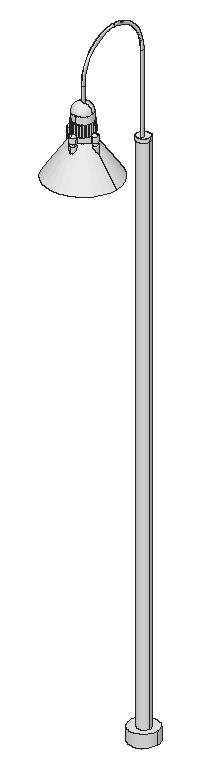
Revit family "ERA-RA25", category Lighting Fixtures, Revit 2021
Family settings
  Round Connector Dimension = Use Diameter
  Part Type = Normal
  OmniClass Number = 23.80.70.14.21
  OmniClass Title = Street and Roadway Lighting
  Work Plane-Based = No
  Always vertical = Yes
  Cut with Voids When Loaded = No
  Light Source = No
  Shared = No
  Room Calculation Point = No
Parameters (values of type "ER-RA17-1A")
  Wattage Comments = "60 LEDs, 68 W"  # constant formula
  Voltage = 120 V
  URL = "https://www.currentlighting.com/kimlighting"
  Type Comments = "Lighting Fixture"  # constant formula
  Series = "ERA LUMINAIRE"  # constant formula
  Product Page URL = ""
  Product Documentation Link = ""
  Power Factor = 1  # constant formula
  Pole Height = Mount Height - 16 1/2"  # 175 1/2"
  Pole Finish = Metal-Aluminum Alloy
  Photometric Notes = "More IES files download on Photometric Web Link"  # constant formula
  Number of Poles = 1
  Mount Height = 192"
  Model = "Era"  # constant formula
  MasterFormat Title = "Parking Lighting, Roadway Lighting, Site Lighting"  # constant formula
  Manufacturer = "Kim Lighting"  # constant formula
  Load Classification = Lighting
  Lamp = "LED"  # constant formula
  Inside Material = Metal-Aluminum-Reflective
  Housing Material = Metal-Aluminum Alloy
  Glass Material = Glass-Clear
  Finish = "All colors shall be a Super TGIC powder coat paint. Optional white (WH) and custom colors available."
  Description = "Site/Roadway Luminaire"  # constant formula
  Default Elevation = 0"
  Assembly Code = "D5020200"
  Arm Material = Metal-Aluminum Alloy
  Apparent Load = 68 VA
  Height = 17 1/2"
  Angle Bee = 180.00°
  4C = no
  3Y = no
  2 = no
  1 = yes
Types (5): name | 4C | 3Y | 2
  (no name) | no | no | no
  ER-RA17-1A | no | no | no
  ER-RA17-2B | no | no | yes
  ER-RA17-3Y | no | yes | no
  ER-RA17-4C | yes | no | yes
Reference planes (in)
  plane 1 "Center (Front/Back)": y = 0
  plane 2: z = 189
  plane 3 "Center (Left/Right)": x = -1.40174
  plane 4 "TOP": z = 192
  plane 5: z = 175.5
  plane 6: z = 182.5
  plane 7: x = 1.59826
  plane 8: x = -4.40174
  plane 9: z = 174.5
  plane 10: x = 7.09826
  plane 11: x = -9.90174
  plane 12: z = 183.5
  plane 13: z = 185
  plane 14: z = 188
  plane 15: x = 2.59826
  plane 16: x = -5.40174
  plane 17: y = -3
  plane 18: x = 3.34826
  plane 19: z = 179.5
  plane 20: x = -6.15174
  plane 21: y = 3
  plane 22: y = 4
  plane 23: y = -4
  plane 24: z = 177.20677
  plane 25 "Bottom": z = 172.75
  plane 26: z = 175
  plane 27: z = 176.5
  plane 28: z = 0
Forms (in)
  Sweep 1, solid, material "Metal-Aluminum Alloy" <- "Pole Finish", visible <- "1"
    path origin (-26.63639, -48.15867, 0) x (0.000096, -1, 0) y (0, 0, 1)
      loop
        line (0.3125, 192) -> (0.3125, 201)
        arc (0.3125, 201) -> (-3.20222, 209.48528) -> (-11.6875, 213) r 12
        arc (-11.6875, 213) -> (-20.17278, 209.48528) -> (-23.6875, 201) r 12
        line (-23.6875, 201) -> (-23.6875, 175.5)
    profile origin (-26.63636, -48.47117, 196.5) x (-0.000096, 1, 0) y (-1, -0.000096, 0)
      loop
        circle (0, -25.23698) r 0.39063
  Sweep 2, solid, material "Metal-Aluminum Alloy" <- "Pole Finish", visible <- "2"
    path origin (-26.63639, 0.48819, 0) x (0.000096, 1, 0) y (0, 0, -1)
      loop
        line (0.3125, -192) -> (0.3125, -201)
        arc (0.3125, -201) -> (-3.20222, -209.48528) -> (-11.6875, -213) r 12
        arc (-11.6875, -213) -> (-20.17278, -209.48528) -> (-23.6875, -201) r 12
        line (-23.6875, -201) -> (-23.6875, -175.5)
    profile origin (-26.63636, 0.80069, 196.5) x (0.000096, 1, 0) y (-1, 0.000096, 0)
      loop
        circle (0, -25.23698) r 0.39063
  Sweep 3, solid, material "Metal-Aluminum Alloy" <- "Pole Finish", visible <- "3Y"
    path origin (-34.87341, -33.40595, 0) x (-0.865977, 0.500083, 0) y (0, 0, -1)
      loop
        line (0.3125, -192) -> (0.3125, -201)
        arc (0.3125, -201) -> (-3.20222, -209.48528) -> (-11.6875, -213) r 12
        arc (-11.6875, -213) -> (-20.17278, -209.48528) -> (-23.6875, -201) r 12
        line (-23.6875, -201) -> (-23.6875, -175.5)
    profile origin (-35.14403, -33.24967, 196.5) x (-0.865977, 0.500083, 0) y (-0.500083, -0.865977, 0)
      loop
        circle (0, -25.23698) r 0.39063
  Sweep 4, solid, material "Metal-Aluminum Alloy" <- "Pole Finish", visible <- "3Y"
    path origin (32.06994, -33.40595, 0) x (0.865977, 0.500083, 0) y (0, 0, 1)
      loop
        line (0.3125, 192) -> (0.3125, 201)
        arc (0.3125, 201) -> (-3.20222, 209.48528) -> (-11.6875, 213) r 12
        arc (-11.6875, 213) -> (-20.17278, 209.48528) -> (-23.6875, 201) r 12
        line (-23.6875, 201) -> (-23.6875, 175.5)
    profile origin (32.34055, -33.24967, 196.5) x (-0.865977, -0.500083, 0) y (0.500083, -0.865977, 0)
      loop
        circle (0, -25.23698) r 0.39063
  Sweep 5, solid, material "Metal-Aluminum Alloy" <- "Pole Finish", visible <- "4C"
    path origin (-25.39036, -48.91441, 0) x (-0.999994, -0.00354, 0) y (0, 0, -1)
      loop
        line (0.3125, -192) -> (0.3125, -201)
        arc (0.3125, -201) -> (-3.20222, -209.48528) -> (-11.6875, -213) r 12
        arc (-11.6875, -213) -> (-20.17278, -209.48528) -> (-23.6875, -201) r 12
        line (-23.6875, -201) -> (-23.6875, -175.5)
    profile origin (-25.70286, -48.91551, 196.5) x (-0.999994, -0.00354, 0) y (0.00354, -0.999994, 0)
      loop
        circle (0, -25.23698) r 0.39063
  Sweep 6, solid, material "Metal-Aluminum Alloy" <- "Pole Finish", visible <- "4C"
    path origin (22.58688, -48.91441, 0) x (0.999994, -0.00354, 0) y (0, 0, 1)
      loop
        line (0.3125, 192) -> (0.3125, 201)
        arc (0.3125, 201) -> (-3.20222, 209.48528) -> (-11.6875, 213) r 12
        arc (-11.6875, 213) -> (-20.17278, 209.48528) -> (-23.6875, 201) r 12
        line (-23.6875, 201) -> (-23.6875, 175.5)
    profile origin (22.89938, -48.91551, 196.5) x (-0.999994, 0.00354, 0) y (-0.00354, -0.999994, 0)
      loop
        circle (0, -25.23698) r 0.39063
Lines and regions (in)
  symbolic lines, detail levels medium+fine
    curve 1: arc (-1.40174, 0, 192) -> (0.71958, 0, 191.12132) -> (1.59826, 0, 189) r 3
    curve 3: line (1.59826, 0, 182.5) -> (7.09826, 0, 175.5)
    curve 5: line (-9.90174, 0, 175.5) -> (-4.40174, 0, 182.5)
    curve 7: arc (-4.40174, 0, 189) -> (-3.52306, 0, 191.12132) -> (-1.40174, 0, 192) r 3
    curve 8: line (7.09826, 0, 175.5) -> (-9.90174, 0, 175.5)
    curve 9: line (1.59826, 0, 182.5) -> (-4.40174, 0, 182.5)
    curve 25: arc (5.64075, 0, 174.5) -> (-1.40174, 0, 172.75) -> (-8.44423, 0, 174.5) r 15.04548
    curve 29: line (-9.90174, 0, 175.5) -> (-9.90174, 0, 174.5)
    curve 30: line (7.09826, 0, 175.5) -> (7.09826, 0, 174.5)
  symbolic lines
    curve 2: line (1.59826, 0, 189) -> (1.59826, 0, 182.5)
    curve 4: line (7.09826, 0, 174.5) -> (-9.90174, 0, 174.5)
    curve 6: line (-4.40174, 0, 182.5) -> (-4.40174, 0, 189)
  symbolic lines, detail levels fine
    curve 10: line (1.59826, 0, 182.5) -> (3.59826, 0, 182.5)
    curve 11: line (3.59826, 0, 182.5) -> (3.59826, 0, 179.95455)
    curve 12: line (-4.40174, 0, 182.5) -> (-6.40174, 0, 182.5)
    curve 13: line (-6.40174, 0, 182.5) -> (-6.40174, 0, 179.95455)
    curve 14: line (-4.40174, 0, 182.5) -> (-6.40174, 0, 182.5)
    curve 15: line (-0.40174, 0, 182.5) -> (-2.40174, 0, 182.5)
    curve 16: line (-0.40174, 0, 182.5) -> (-0.40174, 0, 180.86827)
    curve 17: spline (-0.40174, 0, 180.86827) -> (-0.43581, 0, 180.58001) -> (-0.53571, 0, 180.3114) -> (-0.69463, 0, 180.08073) -> (-0.90174, 0, 179.90374) -> (-1.14292, 0, 179.79247) -> (-1.40174, 0, 179.75452) -> (-1.66056, 0, 179.79247) -> (-1.90174, 0, 179.90374) -> (-2.10885, 0, 180.08073) -> (-2.26776, 0, 180.3114) -> (-2.36767, 0, 180.58001) -> (-2.40174, 0, 180.86827)
    curve 18: line (-2.40174, 0, 180.86827) -> (-2.40174, 0, 182.5)
    curve 19: line (1.59826, 0, 188) -> (-4.40174, 0, 188)
    curve 20: line (1.59826, 0, 185) -> (-4.40174, 0, 185)
  symbolic lines, detail levels coarse
    curve 21: line (1.59826, 0, 182.5) -> (7.09826, 0, 174.5)
    curve 22: line (-4.40174, 0, 182.5) -> (-9.90174, 0, 174.5)
    curve 23: line (1.59826, 0, 182.5) -> (-9.90174, 0, 174.5)
    curve 24: line (-4.40174, 0, 182.5) -> (7.09826, 0, 174.5)
    curve 26: line (1.59826, 0, 189) -> (1.59826, 0, 183.5)
    curve 27: line (1.59826, 0, 183.5) -> (-4.40174, 0, 183.5)
    curve 28: line (-4.40174, 0, 183.5) -> (-4.40174, 0, 189)
Dimensions and locks (in)
  locked: plane 2 to plane 4 "TOP" at 3
  locked: plane 14 to plane 4 "TOP" at 4
  locked: plane 13 to plane 4 "TOP" at 7
  locked: plane 12 to plane 4 "TOP" at 8.5
  locked: plane 25 "Bottom" to plane 6 at 9.75
  locked: plane 25 "Bottom" to plane 5 at 2.75
  locked: plane 25 "Bottom" to plane 26 at 2.25
  locked: plane 25 "Bottom" to plane 9 at 1.75
  locked: plane 25 "Bottom" to plane 27 at 3.75
  locked: plane 25 "Bottom" to plane 24 at 4.45677
  locked: plane 25 "Bottom" to plane 19 at 6.75
  equal spacing: plane 11, plane 3 "Center (Left/Right)", plane 10
  locked: plane 11 to plane 10 at 17
  plane 23 to plane 1 "Center (Front/Back)" to plane 22 = 4" locked, 4" locked
  plane 17 to plane 1 "Center (Front/Back)" to plane 21 = 3" locked, 3" locked
  plane 20 to plane 3 "Center (Left/Right)" to plane 18 = 4 3/4" locked, 4 3/4" locked
  plane 16 to plane 3 "Center (Left/Right)" to plane 15 = 4" locked, 4" locked
  plane 8 to plane 3 "Center (Left/Right)" to plane 7 = 3" locked, 3" locked
  "Height": plane 9 to plane 4 "TOP"
  "Mount Height": level to plane 4 "TOP"
  locked: nested 2 to plane 1 "Center (Front/Back)" at 23.83524
  locked: plane 4 "TOP" to nested 2 at 16.5
  aligned and locked: plane 3 "Center (Left/Right)" to nested 1
  aligned and locked: curve 27 to plane 12
Automatic sketch dimensions
  curve 1 to curve 7 = 0"  (x2)
  curve 23 to plane 9 = 0"
  curve 23 to plane 11 = 0"
  curve 14 to plane 6 = 0"
  curve 6 to plane 2 = 0"
  curve 6 to plane 8 = 0"
  curve 15 to plane 6 = 0"
  curve 7 to plane 3 "Center (Left/Right)" = 0"
  curve 17 to plane 3 "Center (Left/Right)" = 0"
  curve 25 to plane 3 "Center (Left/Right)" = 0"
  curve 4 to plane 10 = 0"
  curve 29 to plane 5 = 0"
  curve 20 to plane 13 = 0"
  curve 19 to plane 14 = 0"
  curve 14 to plane 20 = 1/4"
  curve 15 to plane 3 "Center (Left/Right)" = 1"
  curve 11 to plane 18 = 1/4"
  curve 18 to plane 19 = 1.36827"
  plane 14 to curve 25 = 0.20452"
  plane 11 to curve 25 = 1.45751"
  Sweep 1 sketch curve to Sweep 1 sketch curve = 0"  (x2)
  Sweep 1 sketch curve to plane 5 = 0"
  Sweep 1 sketch curve to plane 4 "TOP" = 0"
  plane 4 "TOP" to Sweep 1 sketch curve = 9"
  Sweep 1 sketch curve to Sweep 1 sketch curve = 12"
  profile plane to Sweep 1 sketch curve = 0"
  Sweep 1 sketch curve to profile plane = 25.23698"
  Sweep 2 sketch curve to Sweep 2 sketch curve = 0"  (x2)
  Sweep 2 sketch curve to plane 5 = 0"
  Sweep 2 sketch curve to plane 4 "TOP" = 0"
  plane 4 "TOP" to Sweep 2 sketch curve = 9"
  Sweep 2 sketch curve to Sweep 2 sketch curve = 12"
  profile plane to Sweep 2 sketch curve = 0"
  Sweep 2 sketch curve to profile plane = 25.23698"
  Sweep 3 sketch curve to Sweep 3 sketch curve = 0"  (x2)
  Sweep 3 sketch curve to plane 5 = 0"
  Sweep 3 sketch curve to plane 4 "TOP" = 0"
  plane 4 "TOP" to Sweep 3 sketch curve = 9"
  Sweep 3 sketch curve to Sweep 3 sketch curve = 12"
  profile plane to Sweep 3 sketch curve = 0"
  Sweep 3 sketch curve to profile plane = 25.23698"
  Sweep 4 sketch curve to Sweep 4 sketch curve = 0"  (x2)
  Sweep 4 sketch curve to plane 5 = 0"
  Sweep 4 sketch curve to plane 4 "TOP" = 0"
  plane 4 "TOP" to Sweep 4 sketch curve = 9"
  Sweep 4 sketch curve to Sweep 4 sketch curve = 12"
  Sweep 4 sketch curve to profile plane = 0"
  Sweep 4 sketch curve to profile plane = 25.23698"
  Sweep 5 sketch curve to Sweep 5 sketch curve = 0"  (x2)
  Sweep 5 sketch curve to plane 5 = 0"
  Sweep 5 sketch curve to plane 4 "TOP" = 0"
  plane 4 "TOP" to Sweep 5 sketch curve = 9"
  Sweep 5 sketch curve to Sweep 5 sketch curve = 12"
  Sweep 5 sketch curve to profile plane = 0"
  Sweep 5 sketch curve to profile plane = 25.23698"
  Sweep 6 sketch curve to Sweep 6 sketch curve = 0"  (x2)
  Sweep 6 sketch curve to plane 5 = 0"
  Sweep 6 sketch curve to plane 4 "TOP" = 0"
  plane 4 "TOP" to Sweep 6 sketch curve = 9"
  Sweep 6 sketch curve to Sweep 6 sketch curve = 12"
  profile plane to Sweep 6 sketch curve = 0"
  Sweep 6 sketch curve to profile plane = 25.23698"
  radius of Sweep 1 sketch curve = 25/64"
  radius of Sweep 2 sketch curve = 25/64"
  radius of Sweep 3 sketch curve = 25/64"
  radius of Sweep 4 sketch curve = 25/64"
  radius of Sweep 5 sketch curve = 25/64"
  radius of Sweep 6 sketch curve = 25/64"
Nested families (in)
  nested 1: "Notation" at (-1.40174, 8.53943, 0), type "Notation"
  nested 2: "Lighting_Fixture-Kim_Lighting-Post" at (-1.40174, -23.83524, 0), type "Lighting_Fixture-Kim_Lighting-Post"
    with Total Pole Height 175 1/2"
  nested 3: "Family1" at (0.09826, 0.25, 27.75), visible <- "2", type "Family1"
  nested 4: "Family1" at (-2.90178, -48.40624, 27.75) x (-1, 0, 0) z (0, 0, 1), visible <- "1", type "Family1"
  nested 5: "Family1" at (-21.29981, -10.37216, 27.75) x (0.5, 0.866, 0) z (0, 0, 1), visible <- "3Y", type "Family1"
  nested 6: "Family1" at (18.49633, -10.37216, 27.75) x (-0.5, 0.866, 0) z (0, 0, 1), visible <- "3Y", type "Family1"
  nested 7: "Family1" at (-25.24937, -22.17907, 27.75) x (-0.0036, 1, 0) z (0, 0, 1), visible <- "4C", type "Family1"
  nested 8: "Family1" at (22.44589, -22.17907, 27.75) x (0.0036, 1, 0) z (0, 0, 1), visible <- "4C", type "Family1"
Connectors (in)
  electrical at (-1.40174, -23.83524, 0), driven by "Voltage", driven by "Apparent Load", driven by "Power Factor"
    settings: on nested 2, index 1, voltage 120 V, apparent load 68 VA, apparent load phase1 0 VA, apparent load phase2 0 VA, apparent load phase3 0 VA, power factor 1, load classification "Other", number of poles 1, system type 30, power factor state 1, is connector primary yes, connector utility no, sub classification motor no, connector description "Lighting connector"
Definition of nested family "Lighting_Fixture-Kim_Lighting-Post"
  Parameters
    URL = "www.kimlighting.com"
    Total Pole Height = 192"
    Series = "Site/Roadway"  # constant formula
    Revisions Date = "1/11/10"  # constant formula
    Default Elevation = 0"
    Cap Radius = Pole Radius + 1/8"  # 2 1/8"
    Base Radius = 4 1/2"  # constant formula
    Pole Radius = 2"  # constant formula
    OmniClass Title = "Lighting Poles and Standards"  # constant formula
    OmniClass Number = "23.60.30.24.14"  # constant formula
    Model = ""
    Material = none
    MasterFormat Title = "Lighting Poles and Standards"  # constant formula
    MasterFormat Number = "26.56.13"  # constant formula
    Manufacturer = "KIM Lighting"  # constant formula
    LEED = "www.usgbc.org"
    Height of Base = 4"  # constant formula
    Description = "Lighting Post"  # constant formula
    Assembly Code = "D5020280"
    Architectural Design Manual = ""
  Reference planes (in)
    plane 1 "Center (Front/Back)": y = 0
    plane 2: z = 4
    plane 3 "Center (Left/Right)": x = 0
    plane 4 "Top": z = 192
    plane 5: y = -2
    plane 6: y = -4.5
    plane 7: x = -4.5
    plane 8: x = 4.5
    plane 9: y = 4.5
  Forms (in)
    Extrusion 1, solid, material <- "Material", detail levels medium+fine
      sketch origin (0, 0, 0) x (1, 0, 0) y (0, 1, 0)
        loop
          circle (0, 0) r 4.5
      from 0 to 4
    Extrusion 2, solid, material <- "Material"
      sketch origin (0, 0, 4) x (1, 0, 0) y (0, 1, 0)
        loop
          circle (0, 0) r 2
      from -4 to 188
    Extrusion 3, solid, material <- "Material", detail levels fine
      sketch origin (0, 0, 0) x (1, 0, 0) y (0, 1, 0)
        loop
          circle (0, 0) r 2.125
      from 190.99811 to 192
  Lines and regions (in)
    Masking region 1, detail levels medium+fine
      outline origin (0, 0, 0) x (1, 0, 0) y (0, 1, 0)
        loop
          circle (0, 0) r 4.5
    Masking region 2, detail levels medium+fine
      outline origin (0, 0, 0) x (1, 0, 0) y (0, 0, 1)
        loop
          line (-4.5, 0) -> (4.5, 0) -> (4.5, 4) -> (2, 4) -> (2, 192) -> (-2, 192) -> (-2, 4) -> (-4.5, 4) -> (-4.5, 0)
    Masking region 3, detail levels medium+fine
      outline origin (0, 0, 0) x (0, 1, 0) y (0, 0, 1)
        loop
          line (4.5, 0) -> (4.5, 4) -> (2, 4) -> (2, 192) -> (-2, 192) -> (-2, 4) -> (-4.5, 4) -> (-4.5, 0) -> (4.5, 0)
    Masking region 4, detail levels coarse
      outline origin (0, 0, 0) x (1, 0, 0) y (0, 0, 1)
        loop
          line (-2, 192) -> (-2, 0) -> (2, 0) -> (2, 192) -> (-2, 192)
    Masking region 5, detail levels coarse
      outline origin (0, 0, 0) x (0, 1, 0) y (0, 0, 1)
        loop
          line (2, 192) -> (-2, 192) -> (-2, 0) -> (2, 0) -> (2, 192)
    Masking region 6, detail levels fine
      outline origin (0, 0, 0) x (1, 0, 0) y (0, 0, 1)
        loop
          line (-2.125, 192) -> (-2.125, 190.99811) -> (2.125, 190.99811) -> (2.125, 192) -> (-2.125, 192)
    symbolic lines, detail levels fine
      curve 1: circle (0, 0, 0) r 2 normal (0, 0, 1)
      curve 2: circle (0, 0, 0) r 4.5 normal (0, 0, 1)
      curve 3: line (-2, 0, 4) -> (2, 0, 4)
      curve 4: line (0, 2, 4) -> (0, -2, 4)
    symbolic lines, detail levels coarse
      curve 5: line (-4.5, 4.5, 0) -> (4.5, 4.5, 0)
      curve 6: line (-4.5, -4.5, 0) -> (-4.5, 4.5, 0)
      curve 7: line (4.5, -4.5, 0) -> (-4.5, -4.5, 0)
      curve 8: line (4.5, 4.5, 0) -> (4.5, -4.5, 0)
  Dimensions and locks (in)
    "Height of Base": plane 2 to level
    "Total Pole Height": plane 4 "Top" to level
    "Pole Radius": plane 1 "Center (Front/Back)" to plane 5
    "Base Radius": plane 1 "Center (Front/Back)" to plane 6
    Masking region 2 sketch curve to Masking region 2 sketch curve to plane 3 "Center (Left/Right)" to Masking region 2 sketch curve to Masking region 2 sketch curve = 2 1/2" locked, 2" locked, 2" locked, 2 1/2" locked
    Masking region 3 sketch curve to Masking region 3 sketch curve to plane 1 "Center (Front/Back)" to Masking region 3 sketch curve to Masking region 3 sketch curve = 2 1/2" locked, 2" locked, 2" locked, 2 1/2" locked
    "Pole Radius": plane 3 "Center (Left/Right)" to Masking region 4 sketch curve
    "Pole Radius": Masking region 4 sketch curve to plane 3 "Center (Left/Right)"
    "Pole Radius": Masking region 5 sketch curve to plane 1 "Center (Front/Back)"
    "Pole Radius": plane 1 "Center (Front/Back)" to Masking region 5 sketch curve
    "Base Radius": plane 6 to plane 1 "Center (Front/Back)"
    "Base Radius": plane 1 "Center (Front/Back)" to plane 9
    "Base Radius": plane 7 to plane 3 "Center (Left/Right)"
    "Base Radius": plane 3 "Center (Left/Right)" to plane 8
    locked: plane 4 "Top" to Extrusion 3 at 1.00189
    "Cap Radius": Masking region 6 sketch curve to plane 3 "Center (Left/Right)"  (x2)
    "Base Radius": radius of Extrusion 1 sketch curve
    "Pole Radius": radius of Extrusion 2 sketch curve
    "Base Radius": radius of curve 2
    "Pole Radius": radius of curve 1
    "Base Radius": radius of Masking region 1 sketch curve
    "Cap Radius": radius of Extrusion 3 sketch curve
    aligned and locked: plane 1 "Center (Front/Back)" to Extrusion 1 sketch curve
    aligned and locked: plane 3 "Center (Left/Right)" to Extrusion 1 sketch curve
    aligned and locked: Extrusion 1 to level
    aligned and locked: plane 2 to Extrusion 1
    aligned and locked: plane 1 "Center (Front/Back)" to Extrusion 2 sketch curve
    aligned and locked: plane 3 "Center (Left/Right)" to Extrusion 2 sketch curve
    aligned and locked: plane 4 "Top" to Extrusion 2
    aligned and locked: plane 3 "Center (Left/Right)" to curve 1
    aligned and locked: plane 3 "Center (Left/Right)" to curve 2
    aligned and locked: plane 1 "Center (Front/Back)" to curve 2
    aligned and locked: plane 1 "Center (Front/Back)" to curve 1
    aligned and locked: plane 3 "Center (Left/Right)" to Masking region 1 sketch curve
    aligned and locked: plane 1 "Center (Front/Back)" to Masking region 1 sketch curve
    aligned and locked: Extrusion 2 to level
    aligned and locked: Masking region 2 sketch curve to level
    aligned and locked: plane 2 to Masking region 2 sketch curve  (x2)
    aligned and locked: plane 4 "Top" to Masking region 2 sketch curve
    aligned and locked: Masking region 2 to curve 3  (x2)
    aligned and locked: curve 3 to plane 2
    aligned and locked: plane 4 "Top" to Masking region 3 sketch curve
    aligned and locked: plane 2 to Masking region 3 sketch curve  (x2)
    aligned and locked: Masking region 3 sketch curve to level
    aligned and locked: Masking region 3 to curve 4
    aligned and locked: plane 5 to curve 4
    aligned and locked: curve 4 to plane 2
    aligned and locked: level to Masking region 4 sketch curve
    aligned and locked: Masking region 4 sketch curve to plane 4 "Top"
    aligned and locked: level to Masking region 5 sketch curve
    aligned and locked: Masking region 5 sketch curve to plane 4 "Top"
    aligned and locked: plane 7 to curve 5
    aligned and locked: plane 9 to curve 5
    aligned and locked: plane 6 to curve 8
    aligned and locked: curve 8 to plane 8
    aligned and locked: plane 4 "Top" to Extrusion 3
    aligned and locked: plane 4 "Top" to Masking region 6 sketch curve
    aligned and locked: Masking region 6 sketch curve to Extrusion 3
  Automatic sketch dimensions
    Extrusion 3 sketch curve to plane 1 "Center (Front/Back)" = 0"
    Extrusion 3 sketch curve to plane 3 "Center (Left/Right)" = 0"
Definition of nested family "Family1"
  Parameters
    Wattage = 9.2903 W
    built-in parameter 1150110 = 1 (stored number, unit not read)
    built-in parameter 1114217 = 1 (stored number, unit not read)
    Tilt Angle = 90.00°
    built-in parameter 1150109 = 1 (stored number, unit not read)
    built-in parameter 1150134 = 3
    built-in parameter 1150113 = 1 (stored number, unit not read)
    Photometric Web File = "ra253e35-120l4k.ies"
    built-in parameter 1150105 = 109.82 (stored number, unit not read)
    Lumens = 1380 lm
    built-in parameter 1150115 = 1 (stored number, unit not read)
    built-in parameter 1150137 = (empty or 0)
    built-in parameter 1150139 = (empty or 0)
    built-in parameter 1150112 = 1 (stored number, unit not read)
    built-in parameter 1150114 = 1 (stored number, unit not read)
    Inside Material = none
    built-in parameter 1150132 = (empty or 0)
    built-in parameter 1150102 = (empty or 0)
    built-in parameter 1150107 = 3200 (stored number, unit not read)
    built-in parameter 1150138 = (empty or 0)
    built-in parameter 1150106 = 1.0982 (stored number, unit not read)
    Housing Material = none
    Glass Material = none
    Emit from Circle Diameter = 12"
    Emit Shape Visible in Rendering = no
    built-in parameter 1150104 = 13.8 (stored number, unit not read)
    Dimming Lamp Color Temperature Shift = (empty or 0)
    Default Elevation = 0"
    Color Filter = 16777215
    built-in parameter 1114218 = 1 (stored number, unit not read)
    built-in parameter 1150133 = 10 (stored number, unit not read)
  Reference planes (in)
    plane 1 "Center (Front/Back)": y = 0
    plane 2: z = 0
    plane 3 "Center (Left/Right)": x = 0
    plane 4: x = 12.5
    plane 5: x = -12.5
    plane 6: z = 146.82138
    plane 7: z = 168.82138
  Forms (in)
    Revolve 1, solid, material <- "Glass Material"
      sketch origin (-0.06358, 0.05401, 5.94638) x (1, 0, 0) y (0, 0, 1)
        loop
          line (9.03158, 140.875) -> (8.62986, 140.875)
          arc (8.62986, 140.875) -> (3.75647, 139.07787) -> (-1.40174, 138.46759) r 22.10442
          line (-1.40174, 138.46759) -> (-1.40174, 138.28241)
          arc (-1.40174, 138.28241) -> (3.97357, 138.94026) -> (9.03158, 140.875) r 22.28961
        axis (-1.40174, 138.28241) -> (-1.40174, 140.875)
      angle from 0 to 360
    Extrusion 2, solid, material <- "Glass Material", not visible
      sketch origin (4.78032, 0.05401, 0) x (0, 1, 0) y (1, 0, 0)
        loop
          circle (0, -6.24564) r 7.04249
      from -147.32138 to -146.82138
    Blend 3, solid, material <- "Housing Material"
      base sketch origin (4.78032, 0.05401, 5.76078) x (0, 1, 0) y (-1, 0, 0)
        loop
          line (3.25, 6.24564) -> (3.25, 6.49564) -> (3, 6.49564) -> (2.96248, 6.78061) -> (3.20396, 6.84532) -> (3.13926, 7.0868) -> (3.07455, 7.32828) -> (2.83307, 7.26357) -> (2.72308, 7.52913) -> (2.93958, 7.65413) -> (2.81458, 7.87064) -> (2.68958, 8.08714) -> (2.47308, 7.96214) -> (2.2981, 8.19018) -> (2.47487, 8.36696) -> (2.2981, 8.54373) -> (2.12132, 8.72051) -> (1.94454, 8.54373) -> (1.71836, 8.73208) -> (1.84197, 8.94939) -> (1.62466, 9.073) -> (1.40736, 9.1966) -> (1.28375, 8.9793) -> (1.01259, 9.07799) -> (1.07942, 9.334) -> (0.83753, 9.39715) -> (0.59564, 9.4603) -> (0.53249, 9.21841) -> (0.24492, 9.25814) -> (0.24332, 9.50814) -> (-0.00668, 9.50653) -> (-0.25667, 9.50493) -> (-0.25507, 9.25493) -> (-0.53249, 9.21841) -> (-0.59564, 9.4603) -> (-0.83753, 9.39715) -> (-1.07942, 9.334) -> (-1.01627, 9.0921) -> (-1.28375, 8.9793) -> (-1.40736, 9.1966) -> (-1.62466, 9.073) -> (-1.84197, 8.94939) -> (-1.71836, 8.73208) -> (-1.94454, 8.54373) -> (-2.12132, 8.72051) -> (-2.2981, 8.54373) -> (-2.47487, 8.36696) -> (-2.2981, 8.19018) -> (-2.47308, 7.96214) -> (-2.68958, 8.08714) -> (-2.81458, 7.87064) -> (-2.93958, 7.65413) -> (-2.72308, 7.52913) -> (-2.83307, 7.26357) -> (-3.07455, 7.32828) -> (-3.13926, 7.0868) -> (-3.20396, 6.84532) -> (-2.96248, 6.78061) -> (-3, 6.49564) -> (-3.25, 6.49564) -> (-3.25, 6.24564) -> (-3.25, 5.99564) -> (-3, 5.99564) -> (-2.96248, 5.71066) -> (-3.20396, 5.64595) -> (-3.13926, 5.40447) -> (-3.07455, 5.16299) -> (-2.83307, 5.2277) -> (-2.72308, 4.96214) -> (-2.93958, 4.83714) -> (-2.81458, 4.62064) -> (-2.68958, 4.40413) -> (-2.47308, 4.52913) -> (-2.2981, 4.30109) -> (-2.47487, 4.12432) -> (-2.2981, 3.94754) -> (-2.12132, 3.77076) -> (-1.94454, 3.94754) -> (-1.71836, 3.75919) -> (-1.84197, 3.54188) -> (-1.62466, 3.41828) -> (-1.40736, 3.29467) -> (-1.28375, 3.51197) -> (-1.01627, 3.39917) -> (-1.07942, 3.15727) -> (-0.83753, 3.09412) -> (-0.59564, 3.03097) -> (-0.53249, 3.27286) -> (-0.25507, 3.23634) -> (-0.25667, 2.98634) -> (-0.00668, 2.98474) -> (0.24332, 2.98313) -> (0.24492, 3.23313) -> (0.53249, 3.27286) -> (0.59564, 3.03097) -> (0.83753, 3.09412) -> (1.07942, 3.15727) -> (1.01627, 3.39917) -> (1.28375, 3.51197) -> (1.40736, 3.29467) -> (1.62466, 3.41828) -> (1.84197, 3.54188) -> (1.72076, 3.75497) -> (1.94454, 3.94754) -> (2.12132, 3.77076) -> (2.2981, 3.94754) -> (2.47487, 4.12432) -> (2.2981, 4.30109) -> (2.47308, 4.52913) -> (2.68958, 4.40413) -> (2.81458, 4.62064) -> (2.93958, 4.83714) -> (2.72308, 4.96214) -> (2.83307, 5.2277) -> (3.07455, 5.16299) -> (3.13926, 5.40447) -> (3.20396, 5.64595) -> (2.96248, 5.71066) -> (3, 5.99564) -> (3.25, 5.99564) -> (3.25, 6.24564)
      top sketch origin (4.78032, 0.05401, 5.76078) x (0, 1, 0) y (-1, 0, 0)
        loop
          line (3.25, 6.24564) -> (3.25, 6.49564) -> (3, 6.49564) -> (2.96248, 6.78061) -> (3.20396, 6.84532) -> (3.13926, 7.0868) -> (3.07455, 7.32828) -> (2.83307, 7.26357) -> (2.72308, 7.52913) -> (2.93958, 7.65413) -> (2.81458, 7.87064) -> (2.68958, 8.08714) -> (2.47308, 7.96214) -> (2.2981, 8.19018) -> (2.47487, 8.36696) -> (2.2981, 8.54373) -> (2.12132, 8.72051) -> (1.94454, 8.54373) -> (1.71836, 8.73208) -> (1.84197, 8.94939) -> (1.62466, 9.073) -> (1.40736, 9.1966) -> (1.28375, 8.9793) -> (1.01259, 9.07799) -> (1.07942, 9.334) -> (0.83753, 9.39715) -> (0.59564, 9.4603) -> (0.53249, 9.21841) -> (0.24492, 9.25814) -> (0.24332, 9.50814) -> (-0.00668, 9.50653) -> (-0.25667, 9.50493) -> (-0.25507, 9.25493) -> (-0.53249, 9.21841) -> (-0.59564, 9.4603) -> (-0.83753, 9.39715) -> (-1.07942, 9.334) -> (-1.01627, 9.0921) -> (-1.28375, 8.9793) -> (-1.40736, 9.1966) -> (-1.62466, 9.073) -> (-1.84197, 8.94939) -> (-1.71836, 8.73208) -> (-1.94454, 8.54373) -> (-2.12132, 8.72051) -> (-2.2981, 8.54373) -> (-2.47487, 8.36696) -> (-2.2981, 8.19018) -> (-2.47308, 7.96214) -> (-2.68958, 8.08714) -> (-2.81458, 7.87064) -> (-2.93958, 7.65413) -> (-2.72308, 7.52913) -> (-2.83307, 7.26357) -> (-3.07455, 7.32828) -> (-3.13926, 7.0868) -> (-3.20396, 6.84532) -> (-2.96248, 6.78061) -> (-3, 6.49564) -> (-3.25, 6.49564) -> (-3.25, 6.24564) -> (-3.25, 5.99564) -> (-3, 5.99564) -> (-2.96248, 5.71066) -> (-3.20396, 5.64595) -> (-3.13926, 5.40447) -> (-3.07455, 5.16299) -> (-2.83307, 5.2277) -> (-2.72308, 4.96214) -> (-2.93958, 4.83714) -> (-2.81458, 4.62064) -> (-2.68958, 4.40413) -> (-2.47308, 4.52913) -> (-2.2981, 4.30109) -> (-2.47487, 4.12432) -> (-2.2981, 3.94754) -> (-2.12132, 3.77076) -> (-1.94454, 3.94754) -> (-1.71836, 3.75919) -> (-1.84197, 3.54188) -> (-1.62466, 3.41828) -> (-1.40736, 3.29467) -> (-1.28375, 3.51197) -> (-1.01627, 3.39917) -> (-1.07942, 3.15727) -> (-0.83753, 3.09412) -> (-0.59564, 3.03097) -> (-0.53249, 3.27286) -> (-0.25507, 3.23634) -> (-0.25667, 2.98634) -> (-0.00668, 2.98474) -> (0.24332, 2.98313) -> (0.24492, 3.23313) -> (0.53249, 3.27286) -> (0.59564, 3.03097) -> (0.83753, 3.09412) -> (1.07942, 3.15727) -> (1.01627, 3.39917) -> (1.28375, 3.51197) -> (1.40736, 3.29467) -> (1.62466, 3.41828) -> (1.84197, 3.54188) -> (1.72076, 3.75497) -> (1.94454, 3.94754) -> (2.12132, 3.77076) -> (2.2981, 3.94754) -> (2.47487, 4.12432) -> (2.2981, 4.30109) -> (2.47308, 4.52913) -> (2.68958, 4.40413) -> (2.81458, 4.62064) -> (2.93958, 4.83714) -> (2.72308, 4.96214) -> (2.83307, 5.2277) -> (3.07455, 5.16299) -> (3.13926, 5.40447) -> (3.20396, 5.64595) -> (2.96248, 5.71066) -> (3, 5.99564) -> (3.25, 5.99564) -> (3.25, 6.24564)
      from 154.0606 to 157.53929
    Extrusion 4, solid, material <- "Housing Material"
      sketch origin (4.78032, 0.05401, 4.01078) x (0, 1, 0) y (-1, 0, 0)
        loop
          circle (0, 6.24564) r 3.25
        loop
          circle (0, 6.24564) r 3
      from 153.3106 to 155.8106
    Extrusion 5, solid, material <- "Housing Material"
      sketch origin (4.78032, 0.05401, 4.01078) x (0, 1, 0) y (-1, 0, 0)
        loop
          circle (0, 2.24564) r 1
      from 154.3106 to 155.8106
    Revolve 6, solid, material <- "Housing Material"
      sketch origin (-0.06358, 0.05401, 10.82138) x (1, 0, 0) y (0, 0, 1)
        loop
          arc (3.34826, 149) -> (3.12859, 149.53033) -> (2.59826, 149.75) r 0.75
          line (2.59826, 149.75) -> (2.59826, 149) -> (3.34826, 149)
        axis (2.59826, 149) -> (2.59826, 149.75)
      angle from 0 to 360
    Extrusion 7, solid, material <- "Housing Material"
      sketch origin (4.78032, 0.05401, 4.01078) x (0, 1, 0) y (-1, 0, 0)
        loop
          circle (0, 10.24564) r 0.75
      from 153.3106 to 155.8106
    Extrusion 8, solid, material <- "Housing Material"
      sketch origin (-7.71095, 0.05401, 4.01078) x (0, -1, 0) y (1, 0, 0)
        loop
          circle (0, 2.24564) r 1
      from 154.3106 to 155.8106
    Revolve 9, solid, material <- "Housing Material"
      sketch origin (-2.86706, 0.05401, 10.82138) x (-1, 0, 0) y (0, 0, 1)
        loop
          arc (3.34826, 149) -> (3.12859, 149.53033) -> (2.59826, 149.75) r 0.75
          line (2.59826, 149.75) -> (2.59826, 149) -> (3.34826, 149)
        axis (2.59826, 149) -> (2.59826, 149.75)
      angle from 0 to 360
    Extrusion 10, solid, material <- "Housing Material"
      sketch origin (-7.71095, 0.05401, 4.01078) x (0, -1, 0) y (1, 0, 0)
        loop
          circle (0, 10.24564) r 0.75
      from 153.3106 to 155.8106
    Revolve 11, solid, material <- "Inside Material"
      sketch origin (5.06063, 0.05401, -38.86718) x (1, 0, 0) y (0, 0, 1)
        loop
          line (-6.52594, 190.587) -> (-2.95443, 190.587) -> (-2.95443, 189.77976) -> (-1.45607, 189.08102) -> (-0.97861, 187.69437) -> (-0.97861, 185.68857) -> (3.72761, 185.68857) -> (3.72761, 185.79013) -> (-0.87705, 185.79013) -> (-0.87705, 187.71136) -> (-1.37408, 189.15484) -> (-2.85287, 189.84446) -> (-2.85287, 190.68857) -> (-6.52594, 190.68857) -> (-6.52594, 190.587)
        axis (-6.52594, 190.68857) -> (-6.52594, 185.68857)
      angle from 0 to 360
    Revolve 12, solid, material <- "Inside Material", not visible
      sketch origin (5.06063, 0.05401, -38.86718) x (1, 0, 0) y (0, 0, 1)
        loop
          line (-6.52594, 191.58945) -> (-1.46624, 191.58945) -> (-0.74981, 189.50879) -> (1.54743, 189.50879) -> (1.54743, 185.68857) -> (3.72761, 185.68857) -> (3.72761, 185.84294) -> (1.69676, 185.84294) -> (1.69676, 189.62813) -> (-0.63457, 189.62813) -> (-1.3608, 191.73727) -> (-6.52594, 191.73727) -> (-6.52594, 191.58945)
        axis (-6.52594, 191.73727) -> (-6.52594, 185.68857)
      angle from 0 to 360
    Extrusion 13, solid, material <- "Housing Material"
      sketch origin (-1.46532, -6.19162, 4.01078) x (1, 0, 0) y (0, 1, 0)
        loop
          circle (0, 2.24564) r 1
      from 154.3106 to 155.8106
    Revolve 14, solid, material <- "Housing Material"
      sketch origin (-1.46532, -1.34773, 10.82138) x (0, -1, 0) y (0, 0, -1)
        loop
          line (3.34826, -149) -> (2.59826, -149) -> (2.59826, -149.75)
          arc (2.59826, -149.75) -> (3.12859, -149.53033) -> (3.34826, -149) r 0.75
        axis (2.59826, -149) -> (2.59826, -149.75)
      angle from 0 to 360
    Extrusion 15, solid, material <- "Housing Material"
      sketch origin (-1.46532, 6.29965, 4.01078) x (-1, 0, 0) y (0, -1, 0)
        loop
          circle (0, 2.24564) r 1
      from 154.3106 to 155.8106
    Revolve 16, solid, material <- "Housing Material"
      sketch origin (-1.46532, 1.45575, 10.82138) x (0, 1, 0) y (0, 0, 1)
        loop
          arc (3.34826, 149) -> (3.12859, 149.53033) -> (2.59826, 149.75) r 0.75
          line (2.59826, 149.75) -> (2.59826, 149) -> (3.34826, 149)
        axis (2.59826, 149) -> (2.59826, 149.75)
      angle from 0 to 360
    Extrusion 17, solid, material <- "Housing Material"
      sketch origin (-1.46532, 6.29965, 4.01078) x (-1, 0, 0) y (0, -1, 0)
        loop
          circle (0, 10.24564) r 0.75
      from 153.3106 to 155.8106
    Extrusion 18, solid, material <- "Housing Material"
      sketch origin (-1.46532, -6.19162, 4.01078) x (1, 0, 0) y (0, 1, 0)
        loop
          circle (0, 10.24564) r 0.75
      from 153.3106 to 155.8106
    Revolve 19, solid, material <- "Housing Material"
      sketch origin (-0.06358, 0.05401, 8.32138) x (1, 0, 0) y (0, 0, 1)
        loop
          line (-1.40174, 150.07248) -> (-4.48034, 150.07248) -> (-12.43642, 138.5) -> (-1.40174, 138.5) -> (-1.40174, 150.07248)
        axis (-1.40174, 150.07248) -> (-1.40174, 138.5)
      angle from 0 to 360
    Extrusion 20, solid, material <- "Housing Material"
      sketch origin (4.78032, 0.05401, 1.51078) x (0, 1, 0) y (-1, 0, 0)
        loop
          circle (0, 6.24564) r 3
      from 155.8106 to 164.04982
    Revolve 21, solid, material <- "Housing Material"
      sketch origin (-0.05171, 0.05986, 12.5606) x (1, 0, 0) y (0, 0, 1)
        loop
          line (-1.40174, 156) -> (-1.40174, 155.875)
          arc (-1.40174, 155.875) -> (0.63119, 155.03293) -> (1.47326, 153) r 2.875
          line (1.47326, 153) -> (1.59826, 153)
          arc (1.59826, 153) -> (0.71958, 155.12132) -> (-1.40174, 156) r 3
        axis (-1.40174, 156) -> (-1.40174, 153)
      angle from 0 to 360
    Extrusion 22, solid, material <- "Housing Material"
      sketch origin (4.79219, 0.05986, 4) x (0, 1, 0) y (-1, 0, 0)
        loop
          circle (0, 2.24564) r 1
      from 150.3106 to 153.3106
    Extrusion 23, solid, material <- "Housing Material"
      sketch origin (0.77874, 4.07331, 4) x (0, 1, 0) y (-1, 0, 0)
        loop
          circle (-0.01345, 2.23219) r 1
      from 150.3106 to 153.3106
    Extrusion 24, solid, material <- "Housing Material"
      sketch origin (-3.23471, 0.05986, 4) x (0, 1, 0) y (-1, 0, 0)
        loop
          circle (0, 2.21874) r 0.98655
      from 150.3106 to 153.3106
    Extrusion 25, solid, material <- "Housing Material"
      sketch origin (0.77874, -3.95359, 4) x (0, 1, 0) y (-1, 0, 0)
        loop
          circle (0.01345, 2.23219) r 0.98655
      from 150.3106 to 153.3106
  Dimensions and locks (in)
    aligned and locked: plane 2 to level
    aligned and locked: Revolve 12 to Revolve 11 sketch curve
Definition of nested family "Notation"
  Parameters
    Notation = "LF"
  Reference planes (in)
    plane 1: y = 0
    plane 2: x = 0
  Text (in)
    label "Notation" at (0.02149, 0.07192, 0), shows "Notation"
